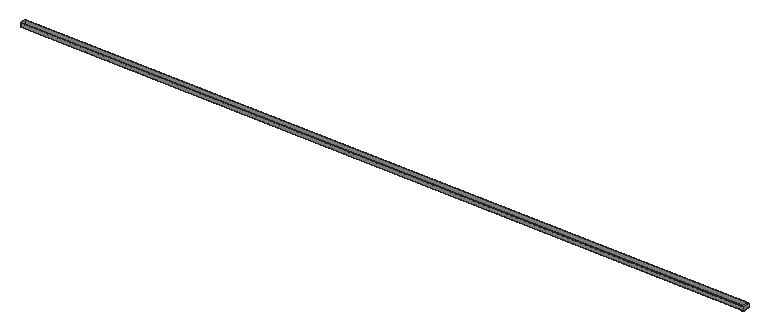
Revit family "BENKO_2000MM", category Lighting Fixtures, host Ceiling, Revit 2021
Family settings
  Host = Ceiling
  Round Connector Dimension = Use Diameter
  Part Type = Normal
  OmniClass Number = 23.80.70.11
  OmniClass Title = Luminaries for Internal Lighting
  Always vertical = Yes
  Cut with Voids When Loaded = No
  Light Source = Yes
  Shared = No
  Room Calculation Point = No
Parameters
  Wattage = 16.1571 W
  built-in parameter 1150110 = 1 (stored number, unit not read)
  Type de lampe = "Ruban LED"
  Type = "Profilé saillie + capot diffusant"
  built-in parameter 1114217 = 1 (stored number, unit not read)
  built-in parameter 1150109 = 1 (stored number, unit not read)
  built-in parameter 1150134 = (empty or 0)
  built-in parameter 1150113 = 1 (stored number, unit not read)
  Matériau = "Aluminium anodisé/Polycarbonate"
  Lumens = 2400 lm
  built-in parameter 1150115 = 1 (stored number, unit not read)
  built-in parameter 1150105 = 763.94 (stored number, unit not read)
  Light Source Symbol Size = 609.60 mm
  built-in parameter 1150137 = (empty or 0)
  built-in parameter 1150139 = (empty or 0)
  built-in parameter 1150112 = 1 (stored number, unit not read)
  built-in parameter 1150114 = 1 (stored number, unit not read)
  built-in parameter 1150132 = 2
  built-in parameter 1150102 = (empty or 0)
  built-in parameter 1150138 = (empty or 0)
  built-in parameter 1150107 = 3000 (stored number, unit not read)
  built-in parameter 1150106 = 7.6394 (stored number, unit not read)
  Fintion = "Gris aluminium"
  Emit from Line Length = 609.60 mm
  built-in parameter 1150104 = 13.8 (stored number, unit not read)
  Driver = "Driver externe"
  Dimming Lamp Color Temperature Shift = <None>
  Dimensions = "16x11 mm, L : 2000 mm"
  Diffuseur = "Polycarbonate satiné mat"
  Default Elevation = 0.00 mm
  Color Filter = 16777215
  built-in parameter 1114218 = 1 (stored number, unit not read)
  built-in parameter 1150133 = 10 (stored number, unit not read)
Reference planes
  plane 1 "Light Source Axis (F/B)": y = 0
  plane 2 "Ceiling": z = 2438.4
  plane 3 "Light Source Axis (L/R)": x = 0
  plane 4 "Light Source Elevation": z = 2432.048
Forms (mm)
  Extrusion 1, solid, material "Aluminum, Anodized Grey"
    sketch origin (0, 0, 2432.048) x (0, -1, 0) y (1, 0, 0)
      loop
        line (-8, -1000) -> (8, -1000) -> (8, 1000) -> (-8, 1000) -> (-8, -1000)
      loop
        line (-7.294, -999.17) -> (7.572, -999.17) -> (7.572, 997.88) -> (-7.294, 997.88) -> (-7.294, -999.17)
    from 6.352 to -3.77
  Extrusion 2, solid, material "Glass, White, High Luminance"
    sketch origin (0, 0, 2432.048) x (0, -1, 0) y (1, 0, 0)
      loop
        line (-8, -1000) -> (8, -1000) -> (8, 1000) -> (-8, 1000) -> (-8, -1000)
    from -4.648 to -3.77
Lines and regions (mm)
  reference lines
    curve 1: line (0, 0, 2432.048) -> (0, 8.5, 2432.048)
    curve 2: line (0, 0, 2432.048) -> (0, -8.5, 2432.048)
    curve 3: line (0, 0, 2432.048) -> (1000, 0, 2432.048)
    curve 4: line (0, 0, 2432.048) -> (-1000, 0, 2432.048)
    curve 5: line (0, 0, 2432.048) -> (0, 8, 2432.048)
    curve 6: line (0, 0, 2432.048) -> (0, -8, 2432.048)
    curve 7: line (0, 0, 2438.4) -> (0, 0, 2427.4)
Dimensions and locks
  equal spacing: host sketch curve, plane 3 "Light Source Axis (L/R)", host sketch curve
  equal spacing: host sketch curve, plane 1 "Light Source Axis (F/B)", host sketch curve
  host sketch curve to host sketch curve = 3048.00 mm  (x2)
  aligned and locked: plane 1 "Light Source Axis (F/B)" to imposter light
  aligned and locked: plane 4 "Light Source Elevation" to imposter light
